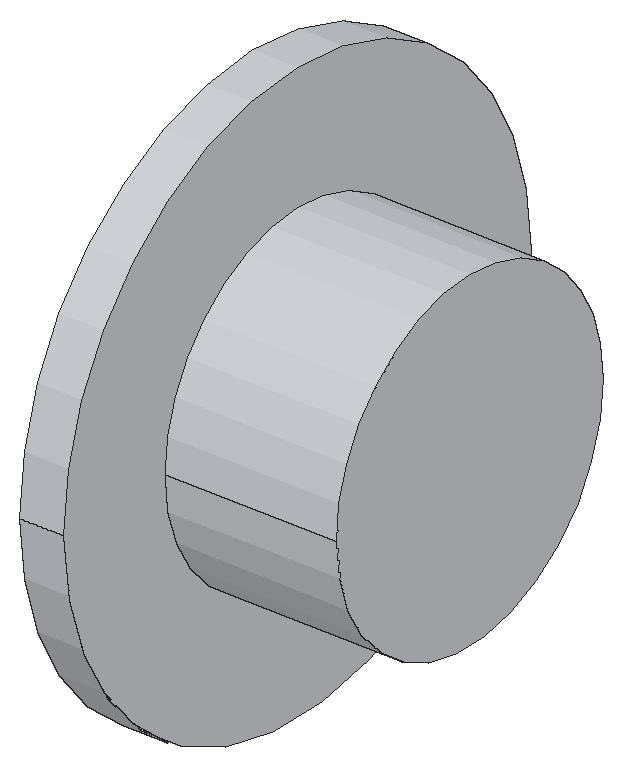
Revit family "2fe0929a27454ba0b0a4906c8855aff6", category Pipe Fittings, Revit 2021
Family settings
  Round Connector Dimension = Use Radius
  Part Type = Cap
  OmniClass Number = 23.60.30.11.14
  OmniClass Title = Pipework Fittings
  Seek Item ID = Cap - PVC - Sch 40-0000-USA-ENU
  Work Plane-Based = No
  Always vertical = Yes
  Cut with Voids When Loaded = No
  Shared = No
Parameters (values of type "Standard")
  Nominal Radius [instance] = 1.5000"
  Nominal Diameter [instance] = Nominal Radius * 2  # 3.0000"
  Loss Method = Not Defined
  Socket Outside Radius [instance] = Socket Outside Diameter / 2  # 2.1750"
  Socket Outside Diameter [instance] = size_lookup(Lookup Table Name, "SOD", 1.08 * Nominal Diameter + 1.12109", Nominal Diameter)  # 4.3500"
  Lookup Table Name = "Cap Flat Compact - MJ - DI - Class 350"
  Length Not Found [instance] = if(Nominal Diameter < 14.0000", 2.8500", if(Nominal Diameter < 30.0000", 4.0000", 4.5000"))  # 2.8500"
  Length [instance] = size_lookup(Lookup Table Name, "Lgt", Length Not Found, Nominal Diameter)  # 2.8300"
  Gland Width [instance] = size_lookup(Lookup Table Name, "GWid", 0.03 * Nominal Diameter + 0.9400", Nominal Diameter)  # 0.5800"
  Gland Outside Radius [instance] = Gland Outside Diameter / 2  # 3.8100"
  Gland Outside Diameter [instance] = size_lookup(Lookup Table Name, "GOD", 1.16 * Nominal Diameter + 4.0300", Nominal Diameter)  # 7.6200"
  Default Elevation = 0.0000"
Reference planes (in)
  plane 1 "Center (Front/Back)": y = 0
  plane 2: z = 0
  plane 3 "Center (Left/Right)": x = 0
  plane 4: x = 2.83
  plane 5: y = 2.175
  plane 6: y = -2.175
  plane 7: x = 0.58
Forms (in)
  Extrusion 1, solid, detail levels fine
    sketch origin (0, 0, 0) x (0, 1, 0) y (0, 0, 1)
      loop
        circle (0, 0) r 3.81
    from 0 to 0.58
  Extrusion 2, solid, detail levels fine
    sketch origin (0, 0, 0) x (0, 1, 0) y (0, 0, 1)
      loop
        circle (0, 0) r 2.175
    from 0.58 to 2.83
Cuts and joins
  joined: Extrusion 1, Extrusion 2
Lines and regions (in)
  model lines, detail levels coarse+medium
    curve 1: line (0, 2.175, 0) -> (2.83, 2.175, 0)
    curve 2: line (2.83, 2.175, 0) -> (2.83, -2.175, 0)
    curve 3: line (2.83, -2.175, 0) -> (0, -2.175, 0)
Dimensions and locks (in)
  "Socket Outside Radius": plane 1 "Center (Front/Back)" to plane 5
  "Socket Outside Radius": plane 6 to plane 1 "Center (Front/Back)"
  "Gland Width": plane 3 "Center (Left/Right)" to plane 7
  "Length": plane 3 "Center (Left/Right)" to plane 4
  "Gland Outside Radius": radius of Extrusion 1 sketch curve
  "Socket Outside Radius": radius of Extrusion 2 sketch curve
  aligned and locked: curve 2 to plane 4
  aligned and locked: plane 3 "Center (Left/Right)" to curve 1
  aligned and locked: plane 3 "Center (Left/Right)" to curve 3
  aligned and locked: curve 1 to plane 5
  aligned and locked: curve 3 to plane 6
  aligned and locked: plane 1 "Center (Front/Back)" to Extrusion 1 sketch curve
  aligned and locked: plane 2 to Extrusion 1 sketch curve
  aligned and locked: Extrusion 1 to plane 3 "Center (Left/Right)"
  aligned and locked: plane 7 to Extrusion 1
  aligned and locked: Extrusion 2 to plane 7
  aligned and locked: plane 4 to Extrusion 2
  aligned and locked: plane 2 to Extrusion 2 sketch curve
  aligned and locked: plane 1 "Center (Front/Back)" to Extrusion 2 sketch curve
Connectors (in)
  piping at (0, 0, 0), diameter 3, driven by "Nominal Radius"
    settings: on Extrusion 1, index 1, connector inside diameter 3.0000", connector length 0.0000", flow factor 0, pipe flow 0 GPM, pressure drop 0.00 psi, fitting loss kfactor 0, connector angle 0.00°, fixture units 0, engagement length 0.0000", angle of deflection 0.00°, flow configuration 0, flow direction 0, fitting loss method 0, system type 28, joint type 0, gender type 0, connector reference index -1, connector utility 0, adjustable connector no, is connector primary yes, connector description ""
